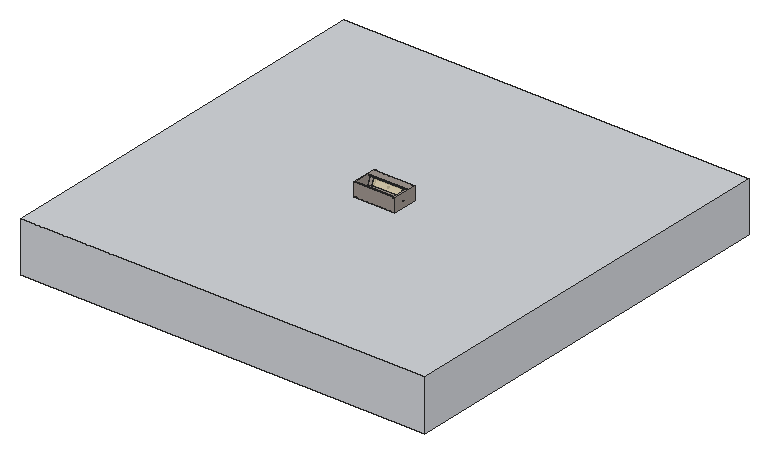
Revit family "ArandelaConcreto_ASC6W_ASC11W_PowerLume", category Luminárias, Revit 2022
Family settings
  Hospedeiro = Face
  Cota do conector redondo = Utilizar diâmetro
  Tipo de parte = Normal
  Número OmniClass = 23.80.70.14.11.17
  Título OmniClass = Wall or Ceiling Mounted External Lighting
  Corte com vazios quando carregada = Sim
  Fonte luminosa = Não
  Manter orientação da anotação = Não
  Compartilhado = Não
  Ponto de cálculo do ambiente = Não
Parameters (values of type "ASC6W")
  Ângulo de abertura = "Assimétrico"
  Voltagem Luminária = 0 V
  Vida útil = "60000h"
  Versão = 1  # constant formula
  URL do produto = "https://www.powerlume.com.br/produtos/arandela-balizadora-concreto"
  URL = "https://www.powerlume.com.br/"
  Tipo de imagem = FOTO ASC6W.png
  Temperatura de cor = "3000K"  # constant formula
  Potência = "6W"
  Peso = "0"
  Modelo de luminária = ArandelaConcreto_ASC6W_Base_PowerLume : ASC6W
  Modelo = "ASC6W"
  Manual de instalação = ""
  Lâmpada = "Placa LED"
  Localização = "Caxias do Sul - RS / Brasil"  # constant formula
  IfcExportAs = "IfcLightFixtureType"  # constant formula
  IRC = "85"  # constant formula
  IP = "65"  # constant formula
  Frame = Concreto, leve
  Fluxo luminoso = "465 lm"
  Ficha técnica = ""
  Fator de Potência Luminária = 1
  Fabricante = "Power Lume"  # constant formula
  Default Elevation = 1219.2 mm
  Profundidade = 81 mm  # constant formula
  Difusor = PMMA transparente anti UV
  Descrição = "Arandela de sobrepor LED em concreto"
  Data da atualização = "27/02/2025"  # constant formula
  Assembly Code = ""
  Contato do fabricante = "(54) 3066-6488"  # constant formula
  Comentários de voltagem = "110 ou 220Vac 50/60Hz com driver incorporado"
  Catálogo de produtos = "https://www.powerlume.com.br/downloads"
  Carga Aparente Luminária = 0 VA
  Largura = 250 mm
  Altura = 150 mm
Types (2, lengths in mm): name | Tipo de imagem | Potência | Modelo de luminária | Modelo | Fluxo luminoso | Largura | Altura
  ASC11W | FOTO ASC11W.png | "11W" | ArandelaConcreto_ASC11W_Base_PowerLume : ASC11W | "ASC11W" | "931 lm" | 350 | 250
  ASC6W | FOTO ASC6W.png | "6W" | ArandelaConcreto_ASC6W_Base_PowerLume : ASC6W | "ASC6W" | "465 lm" | 250 | 150
Reference planes
  plane 1 "Centro (Frente/Trás)": y = 0
  plane 2: z = 0
  plane 3 "Centro (Esquerda/Direita)": x = 0
  plane 4: y = 0
Forms (mm)
  Extrusion 1, solid
    sketch origin (0, 0, 0) x (1, 0, 0) y (0, 1, 0)
      loop
        line (-1219.2, 1219.2) -> (-1219.2, -1219.2) -> (1219.2, -1219.2) -> (1219.2, 1219.2) -> (-1219.2, 1219.2)
    from 0 to -304.8
Dimensions and locks
  aligned and locked: plane 2 to Extrusion 1
  aligned and locked: level to Extrusion 1
Nested families
  nested 1: "ArandelaConcreto_ASC6W_Base_PowerLume" at (0, 0, 0), type <- "Modelo de luminária", type "ASC6W"
Connectors
  electrical at (0, 0, 0), driven by "Fator de Potência Luminária", driven by "Carga Aparente Luminária", driven by "Voltagem Luminária"
    settings: index 1, voltage 0 V, apparent load 0 VA, apparent load phase1 0 VA, apparent load phase2 0 VA, apparent load phase3 0 VA, power factor 1, load classification "Outro", number of poles 1, system type 31, power factor state 1, is connector primary yes, connector utility no, sub classification motor no, connector description ""
Definition of nested family "ArandelaConcreto_ASC6W_Base_PowerLume"
  Parameters (values of type "ASC6W")
    Ângulo de abertura = "Assimétrico"
    Voltagem Luminária = 0 V
    Vida útil = "60000h"
    Versão = 1  # constant formula
    URL do produto = "https://www.powerlume.com.br/produtos/arandela-balizadora-concreto"
    URL = "https://www.powerlume.com.br/"
    Type Image = element 94655
    Temperatura de cor = "3000K"
    Potência = "6W"  # constant formula
    Peso = "0"
    Model = "ARC6W"  # constant formula
    Manual de instalação = ""
    Lamp = "Placa LED"
    Localização = "Caxias do Sul - RS / Brasil"  # constant formula
    IfcExportAs = "IfcLightFixtureType"  # constant formula
    IRC = "85"  # constant formula
    IP = "65"  # constant formula
    Frame = none
    Fluxo luminoso = "465 lm"
    Ficha técnica = ""
    Fator de Potência Luminária = 1
    Manufacturer = "Power Lume"  # constant formula
    Default Elevation = 1219.2 mm
    Profundidade = 81 mm  # constant formula
    Difusor = none
    Description = "Arandela de sobrepor LED em concreto"
    Data da atualização = "25/02/2025"  # constant formula
    Assembly Code = ""
    Contato do fabricante = "(54) 3066-6488"  # constant formula
    Wattage Comments = "110 ou 220Vac 50/60Hz com driver incorporado"
    Catálogo de produtos = "https://www.powerlume.com.br/downloads"
    Carga Aparente Luminária = 0 VA
    Largura = 250 mm  # constant formula
    Altura = 150 mm  # constant formula
  Reference planes
    plane 1 "Centro (Frente/Trás)": y = 0
    plane 2: z = 0
    plane 3 "Centro (Esquerda/Direita)": x = 0
    plane 4: y = 0
    plane 5: through (0, 33, 76) normal (0, 0.931, -0.3651)
  Forms (mm)
    Extrusion 1, solid
      sketch origin (0, 0, 0) x (1, 0, 0) y (0, 1, 0)
        loop
          line (-1219.2, 1219.2) -> (-1219.2, -1219.2) -> (1219.2, -1219.2) -> (1219.2, 1219.2) -> (-1219.2, 1219.2)
      from 0 to -304.8
    Sweep 2, solid, material <- "Frame"
      path origin (0, 0, 0) x (1, 0, 0) y (0, 1, 0)
        loop
          line (-125, 0) -> (125, 0)
      profile origin (0, 0, 0) x (0, 1, 0) y (0, 0, 1)
        loop
          line (0, 81) -> (-74, 81)
          arc (-74, 81) -> (-74.707, 80.707) -> (-75, 80) r 1
          line (-75, 80) -> (-75, 1)
          arc (-75, 1) -> (-74.707, 0.293) -> (-74, 0) r 1
          line (-74, 0) -> (74, 0)
          arc (74, 0) -> (74.707, 0.293) -> (75, 1) r 1
          line (75, 1) -> (75, 80)
          arc (75, 80) -> (74.707, 80.707) -> (74, 81) r 1
          line (74, 81) -> (0, 81)
    Sweep 3, void
      path origin (0, 0, 0) x (1, 0, 0) y (0, 1, 0)
        loop
          line (-115, 75) -> (115, 75)
      profile origin (0, 75, 0) x (0, 1, 0) y (0, 0, 1)
        loop
          line (-52, 81) -> (-148, 81) -> (-62.136, 24.652) -> (-42, 76) -> (-52, 76) -> (-52, 81)
    Extrusion 4, solid
      sketch origin (0, 33.365, 76.931) x (0, 0.365088, 0.930973) y (1, 0, 0)
        loop
          circle (-28.357, 0) r 2
      from 8.6 to 10
    Extrusion 5, void
      sketch origin (0, 0, 0) x (0, 1, 0) y (0, 0, 1)
        loop
          line (24.836, 27.792) -> (40.17, 66.892) -> (30.86, 70.543) -> (15.526, 31.442) -> (24.836, 27.792)
      from -85 to 85
    Extrusion 6, solid, material <- "Difusor"
      sketch origin (0, 0, 0) x (0, 1, 0) y (0, 0, 1)
        loop
          line (16.457, 31.077) -> (31.791, 70.178) -> (30.86, 70.543) -> (15.526, 31.442) -> (16.457, 31.077)
      from -85 to 85
    Extrusion 7, solid, material <- "Frame"
      sketch origin (0, 0, 0) x (0, 1, 0) y (0, 0, 1)
        loop
          line (30.86, 70.543) -> (29.929, 70.908) -> (14.595, 31.807) -> (15.526, 31.442) -> (30.86, 70.543)
      from 85 to 105
    Extrusion 8, solid, material <- "Frame"
      sketch origin (0, 0, 0) x (0, 1, 0) y (0, 0, -1)
        loop
          line (30.86, -70.543) -> (15.526, -31.442) -> (14.595, -31.807) -> (29.929, -70.908) -> (30.86, -70.543)
      from 85 to 105
  Cuts and joins
    Sweep 3, Extrusion 5 cuts Sweep 2
  Dimensions and locks
    aligned and locked: plane 2 to Extrusion 1
    aligned and locked: level to Extrusion 1
  Nested families
    nested 1: "ArandelaConcreto_ASC6W_FonteLuminosa_PowerLume" at (0.007, 22.435, 30.5), type "3000K"
  Definition of nested family "ArandelaConcreto_ASC6W_FonteLuminosa_PowerLume"
    Parameters (values of type "3000K")
      Tilt Angle = -90.00°  # constant formula
      Wattage = 10.9541 W
      Dimming Lamp Color Temperature Shift = (empty or 0)
      built-in parameter 1150107 = 3000 (stored number, unit not read)
      built-in parameter 1150110 = 1 (stored number, unit not read)
      built-in parameter 1150109 = 1 (stored number, unit not read)
      built-in parameter 1114218 = 1 (stored number, unit not read)
      built-in parameter 1150112 = 1 (stored number, unit not read)
      built-in parameter 1150113 = 1 (stored number, unit not read)
      built-in parameter 1150132 = 2
      built-in parameter 1150137 = (empty or 0)
      built-in parameter 1150106 = 0.37004 (stored number, unit not read)
      built-in parameter 1150102 = (empty or 0)
      built-in parameter 1150105 = 37.004 (stored number, unit not read)
      Color Filter = 16777215
      built-in parameter 1114217 = 1 (stored number, unit not read)
      built-in parameter 1150139 = (empty or 0)
      Default Elevation = 1219.2 mm
      built-in parameter 1150104 = 3.9437 (stored number, unit not read)
      built-in parameter 1150115 = 1 (stored number, unit not read)
      built-in parameter 1150114 = 1 (stored number, unit not read)
      Lumens = 465 lm
      built-in parameter 1150138 = (empty or 0)
      built-in parameter 1150134 = (empty or 0)
      Photometric Web File = "ASC6W.ies"
      built-in parameter 1150133 = 10 (stored number, unit not read)
    Reference planes
      plane 1 "Centro (Frente/Trás)": y = 0
      plane 2: z = 0
      plane 3 "Centro (Esquerda/Direita)": x = 0
    Forms (mm)
      Extrusion 1, solid
        sketch origin (0, 0, 0) x (1, 0, 0) y (0, 1, 0)
          loop
            line (-1219.2, 1219.2) -> (-1219.2, -1219.2) -> (1219.2, -1219.2) -> (1219.2, 1219.2) -> (-1219.2, 1219.2)
        from 0 to -304.8
    Dimensions and locks
      aligned and locked: plane 2 to Extrusion 1
      aligned and locked: level to Extrusion 1
